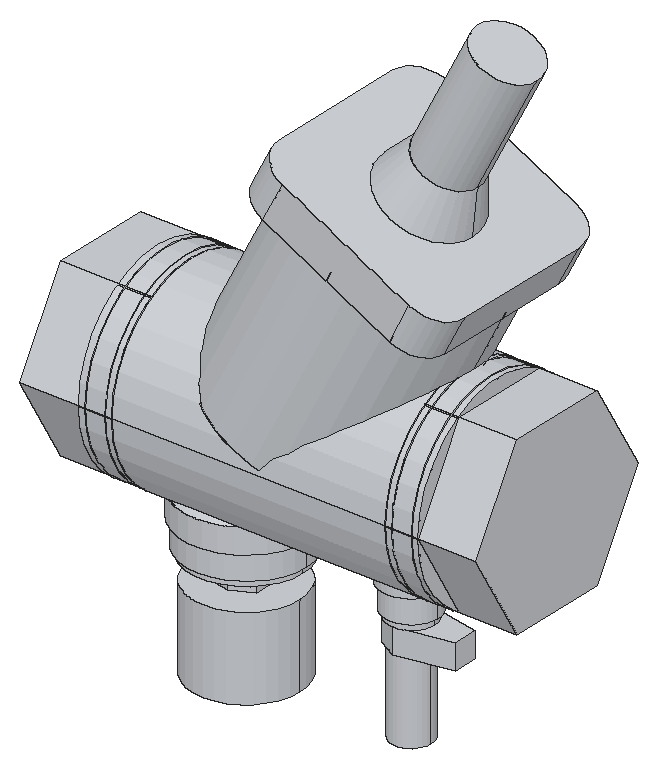
Revit family "Sigma_Compact_DN050_RFA_2018", category Pipe Accessories, Revit 2018
Family settings
  Round Connector Dimension = Use Diameter
  Part Type = Valve - Breaks Into
  Work Plane-Based = No
  Always vertical = Yes
  Cut with Voids When Loaded = No
  Shared = No
Parameters (values of type "Sigma Compact DN 50 s měřením")
  magiProductId = "620459ae7aa94407adeea4e77bc07b"
  magiProductFamilyId = "3fdb776034814e15a56dcfd1ac03e4"
  magiPartTypeId = 304
  isMeasuringValve [instance] = no
  ang2D [instance] = 0.00°
  Z6 = 39.3 mm
  Z5 = 91.7 mm
  Z4 = 78.6 mm
  Z3 = 13.1 mm
  Z2 = 65.5 mm
  XR2 = 37.5 mm
  XR1 = 25.5 mm
  W2D = 32 mm
  VersionID = "2.0/2018.12.13.2/FRESE_SIGMA_PLUG_Q13_001"
  Use Minimum Symbol Size [instance] = no
  URL = "www.hydronix.cz"
  Type Comments = "závitový; vnitřní závit; PN25; max dp=400kPa; -10~+120°C; max uzavírací tlak 1MPa"
  R4 = 15 mm
  R3 = 10 mm
  R2 = 30.5 mm
  R1 = 31.5 mm
  QmdConnectorList = "301;D;302;D"
  Productdata [instance] = ""
  NL__ve = -NL  # -27.6 mm
  NL = 27.6 mm
  Manufacturer = "Hydronix"
  MC Use Limits From Balancing Method = no
  MC Throttling Minimum Value = 0
  MC Throttling Maximum Value = 0
  MC Product Code = "53-2207 DN50 FF s měřením; (900-10350 l/h); kvs=20,3"
  MC Pressure Drop Minimum Value = 0.0 Pa
  MC Pressure Drop Maximum Value = 0.0 Pa
  MC Piping Given Pressure Drop [instance] = 0.0 Pa
  M5 = 51.4 mm
  M4 = 49.4 mm
  M3 = 43.4 mm
  M2 = 41.4 mm
  LP = 69 mm
  LM = 82.8 mm
  LL__ve = -LL  # -7.6 mm
  LLT__ve = -LLT  # -28.2 mm
  LLT = 28.2 mm
  LLL = 11 mm
  LL3 = 60 mm
  LL2 = 51 mm
  LL = 7.6 mm
  L3 = 25 mm
  L2D_Min = 30.48 mm
  L2D = 82.4 mm
  Description = "Automatický vyvažovací ventil"
  DR1 = no
  DR0 = yes
  DL2 = 85 mm
  D = 50 mm
  CenSd_R2_6 = R2 * cos(30.00°)  # 26.414 mm
  CAT0 = yes
  C0D1 = no
  C0D0 = yes
Types (3, lengths in mm): name | magiProductId | Z6 | Z5 | Z4 | Z3 | Z2 | NL__ve | NL | MC Product Code | M5 | M4 | M3 | M2 | LP | LM | LL__ve | LLT__ve | LLT | LL3 | LL2 | LL | DL2 | D
  Sigma Compact DN 32 s měřením | "7bc6b6dac0dd45edbe26d667b48f95" | 33 | 77 | 66 | 11 | 55 | -20.8 | 20.8 | "53-2206 DN32 FF s měřením; (200-5000 l/h); kvs=10,9" | 41.2 | 39.2 | 33.2 | 31.2 | 52 | 62.4 | -6.8 | -22.6 | 22.6 | 52 | 43 | 6.8 | 77 | 32
  Sigma Compact DN 40 s měřením | "4e1b5a17d6804847bd559f7e701d18" | 39.3 | 91.7 | 78.6 | 13.1 | 65.5 | -27.6 | 27.6 | "53-2206 DN40 FF s měřením; (719-7400 l/h); kvs=18,0" | 51.4 | 49.4 | 43.4 | 41.4 | 69 | 82.8 | -7 | -24 | 24 | 54 | 45 | 7 | 79 | 40
  Sigma Compact DN 50 s měřením | "620459ae7aa94407adeea4e77bc07b" | 39.3 | 91.7 | 78.6 | 13.1 | 65.5 | -27.6 | 27.6 | "53-2207 DN50 FF s měřením; (900-10350 l/h); kvs=20,3" | 51.4 | 49.4 | 43.4 | 41.4 | 69 | 82.8 | -7.6 | -28.2 | 28.2 | 60 | 51 | 7.6 | 85 | 50
Reference planes
  plane 1 "Center (Front/Back)": y = 0
  plane 2 "XYPLANE": z = 0
  plane 3 "Center (Left/Right)": x = 0
  plane 4 "408": x = 69
  plane 5 "407": x = -69
  plane 6 "404": z = -52.4
  plane 7 "403": z = -60
  plane 8 "402": z = -85
  plane 9 "213": x = -25
  plane 10 "168": z = -24.2
  plane 11 "167": z = -26.2
  plane 12 "166": z = -33.8
  plane 13 "165": z = -41.4
  plane 14 "164": z = -43.4
  plane 15 "154": z = 0
  plane 16 "152": y = 0
  plane 17 "151": z = -51
  plane 18 "150": x = 25
  plane 19 "75": through (307.08, 0, 685.28) normal (0.891, 0, -0.454)
  plane 20 "74": x = 51.4
  plane 21 "73": x = 49.4
  plane 22 "72": x = 43.4
  plane 23 "71": x = 41.4
  plane 24 "70": x = -51.4
  plane 25 "69": x = -49.4
  plane 26 "68": x = -43.4
  plane 27 "67": y = 0
  plane 28 "66": through (-666.893, 0, 343.166) normal (0.454, 0, 0.891)
  plane 29 "65": x = -41.4
  plane 30 "64": through (335.147, 0, 670.979) normal (0.891, 0, -0.454)
  plane 31 "63": through (-638.519, 0, 398.854) normal (0.454, 0, 0.891)
  plane 32 "62": through (363.214, 0, 656.678) normal (0.891, 0, -0.454)
  plane 33 "61": y = 31.5
  plane 34 "60": y = -31.5
  plane 35 "59": through (-632.571, 0, 410.526) normal (0.454, 0, 0.891)
  plane 36 "58": through (-626.624, 0, 422.198) normal (0.454, 0, 0.891)
  plane 37 "56": x = 0
  plane 38 "55": through (-668.255, 0, 340.493) normal (0.454, 0, 0.891)
  plane 39 "102XY": through (-668.255, 0, 340.493) normal (0.454, 0, 0.891)
  plane 40 "102XZ": y = 0
  plane 41 "102YZ": through (340.493, 0, 668.255) normal (0.891, 0, -0.454)
Forms (mm)
  Extrusion 1, solid
    sketch origin (69, -750, 0) x (0, 1, 0) y (0, 0, 1)
      loop
        line (780.5, 0) -> (765.25, 26.414) -> (734.75, 26.414) -> (719.5, 0) -> (734.75, -26.414) -> (765.25, -26.414) -> (780.5, 0)
    from 0 to -27.6 <- "NL__ve"
  Extrusion 2, solid
    sketch origin (-69, -750, 0) x (0, 1, 0) y (0, 0, 1)
      loop
        line (719.5, 0) -> (734.75, -26.414) -> (765.25, -26.414) -> (780.5, 0) -> (765.25, 26.414) -> (734.75, 26.414) -> (719.5, 0)
    from 0 to 27.6 <- "NL"
  Extrusion 3, solid, visible <- "C0D1"
    sketch origin (-750, 0, -85) x (1, 0, 0) y (0, 1, 0)
      loop
        circle (725, 0) r 17.2
    from 0 to 50
  Extrusion 4, solid, visible <- "DR1"
    sketch origin (-750, 0, -52.4) x (1, 0, 0) y (0, 1, 0)
      loop
        line (725, -8) -> (731.928, -4) -> (731.928, 4) -> (725, 8) -> (707.872, 4) -> (707.872, -4) -> (725, -8)
    from 0 to -7.6 <- "LL__ve"
  Extrusion 5, solid, visible <- "DR1"
    sketch origin (-750, 0, -52.4) x (1, 0, 0) y (0, 1, 0)
      loop
        circle (725, 0) r 18.2
    from 0 to 11 <- "LLL"
  Extrusion 6, solid, visible <- "DR1"
    sketch origin (-750, 0, -41.4) x (1, 0, 0) y (0, 1, 0)
      loop
        circle (725, 0) r 19.2
    from 0 to 7.6 <- "LL"
  Extrusion 7, solid, visible <- "DR1"
    sketch origin (-750, 0, -33.8) x (1, 0, 0) y (0, 1, 0)
      loop
        circle (725, 0) r 20.2
    from 0 to 7.6 <- "LL"
  Blend 8, solid, visible <- "DR1"
    base sketch origin (-750, 0, -24.2) x (1, 0, 0) y (0, 1, 0)
      loop
        circle (725, 0) r 17.7
    top sketch origin (-750, 0, -24.2) x (1, 0, 0) y (0, 1, 0)
      loop
        circle (725, 0) r 20.2
    from 0 to -2
  Extrusion 9, solid, visible <- "DR1"
    sketch origin (-750, 0, 0) x (1, 0, 0) y (0, 1, 0)
      loop
        circle (725, 0) r 17.7
    from 0 to -28.2 <- "LLT__ve"
  Extrusion 10, solid, visible <- "C0D0"
    sketch origin (-750, 0, -51) x (1, 0, 0) y (0, 1, 0)
      loop
        circle (725, 0) r 16.2
    from 0 to -25
  Extrusion 11, solid, visible <- "DR0"
    sketch origin (-750, 0, -43.4) x (1, 0, 0) y (0, 1, 0)
      loop
        line (725, -7) -> (731.062, -3.5) -> (731.062, 3.5) -> (725, 7) -> (708.738, 3.5) -> (708.738, -3.5) -> (725, -7)
    from 0 to -7.6 <- "LL__ve"
  Extrusion 12, solid, visible <- "DR0"
    sketch origin (-750, 0, -43.4) x (1, 0, 0) y (0, 1, 0)
      loop
        circle (725, 0) r 17.2
    from 0 to 2
  Extrusion 13, solid, visible <- "DR0"
    sketch origin (-750, 0, -33.8) x (1, 0, 0) y (0, 1, 0)
      loop
        circle (725, 0) r 19.2
    from 0 to 7.6 <- "LL"
  Blend 14, solid, visible <- "DR0"
    base sketch origin (-750, 0, -24.2) x (1, 0, 0) y (0, 1, 0)
      loop
        circle (725, 0) r 16.7
    top sketch origin (-750, 0, -24.2) x (1, 0, 0) y (0, 1, 0)
      loop
        circle (725, 0) r 19.2
    from 0 to -2
  Extrusion 15, solid, visible <- "DR0"
    sketch origin (-750, 0, 0) x (1, 0, 0) y (0, 1, 0)
      loop
        circle (725, 0) r 16.7
    from 0 to -28.2 <- "LLT__ve"
  Extrusion 16, solid, visible <- "DR0"
    sketch origin (-750, 0, 0) x (1, 0, 0) y (0, 1, 0)
      loop
        circle (725, 0) r 16.7
    from 0 to -28.2 <- "LLT__ve"
  Blend 17, solid, visible <- "DR0"
    base sketch origin (-750, 0, -24.2) x (1, 0, 0) y (0, 1, 0)
      loop
        circle (725, 0) r 16.7
    top sketch origin (-750, 0, -24.2) x (1, 0, 0) y (0, 1, 0)
      loop
        circle (725, 0) r 19.2
    from 0 to -2
  Extrusion 18, solid, visible <- "DR0"
    sketch origin (-750, 0, -33.8) x (1, 0, 0) y (0, 1, 0)
      loop
        circle (725, 0) r 19.2
    from 0 to 7.6 <- "LL"
  Extrusion 19, solid, visible <- "DR0"
    sketch origin (-750, 0, -41.4) x (1, 0, 0) y (0, 1, 0)
      loop
        circle (725, 0) r 18.2
    from 0 to 7.6 <- "LL"
  Extrusion 20, solid, visible <- "DR0"
    sketch origin (-750, 0, -43.4) x (1, 0, 0) y (0, 1, 0)
      loop
        circle (725, 0) r 17.2
    from 0 to 2
  Extrusion 21, solid, visible <- "DR0"
    sketch origin (-750, 0, -43.4) x (1, 0, 0) y (0, 1, 0)
      loop
        line (725, -7) -> (731.062, -3.5) -> (731.062, 3.5) -> (725, 7) -> (708.738, 3.5) -> (708.738, -3.5) -> (725, -7)
    from 0 to -7.6 <- "LL__ve"
  Extrusion 22, solid, visible <- "C0D0"
    sketch origin (-750, 0, -51) x (1, 0, 0) y (0, 1, 0)
      loop
        circle (725, 0) r 16.2
    from 0 to -25
  Extrusion 23, solid, visible <- "CAT0"
    sketch origin (-750, 0, -51) x (1, 0, 0) y (0, 1, 0)
      loop
        circle (775, 0) r 6
    from 0 to -25
  Extrusion 24, solid
    sketch origin (-750, 0, -43.4) x (1, 0, 0) y (0, 1, 0)
      loop
        line (775, -7) -> (791.262, -3.5) -> (791.262, 3.5) -> (775, 7) -> (768.938, 3.5) -> (768.938, -3.5) -> (775, -7)
    from 0 to -7.6 <- "LL__ve"
  Extrusion 25, solid
    sketch origin (-750, 0, -43.4) x (1, 0, 0) y (0, 1, 0)
      loop
        circle (775, 0) r 7
    from 0 to 2
  Extrusion 26, solid
    sketch origin (-750, 0, -41.4) x (1, 0, 0) y (0, 1, 0)
      loop
        circle (775, 0) r 8
    from 0 to 7.6 <- "LL"
  Extrusion 27, solid
    sketch origin (-750, 0, -33.8) x (1, 0, 0) y (0, 1, 0)
      loop
        circle (775, 0) r 9
    from 0 to 7.6 <- "LL"
  Blend 28, solid
    base sketch origin (-750, 0, -24.2) x (1, 0, 0) y (0, 1, 0)
      loop
        circle (775, 0) r 6.5
    top sketch origin (-750, 0, -24.2) x (1, 0, 0) y (0, 1, 0)
      loop
        circle (775, 0) r 9
    from 0 to -2
  Extrusion 29, solid
    sketch origin (-750, 0, 0) x (1, 0, 0) y (0, 1, 0)
      loop
        circle (775, 0) r 6.5
    from 0 to -28.2 <- "LLT__ve"
  Blend 30, solid, visible <- "CAT0"
    base sketch origin (49.4, -750, 0) x (0, 1, 0) y (0, 0, 1)
      loop
        circle (750, 0) r 30.5
    top sketch origin (49.4, -750, 0) x (0, 1, 0) y (0, 0, 1)
      loop
        circle (750, 0) r 30.5
    from 0 to 2
  Extrusion 31, solid, visible <- "CAT0"
    sketch origin (43.4, -750, 0) x (0, 1, 0) y (0, 0, 1)
      loop
        circle (750, 0) r 30.5
    from 0 to 6
  Blend 32, solid, visible <- "CAT0"
    base sketch origin (41.4, -750, 0) x (0, 1, 0) y (0, 0, 1)
      loop
        circle (750, 0) r 30.5
    top sketch origin (41.4, -750, 0) x (0, 1, 0) y (0, 0, 1)
      loop
        circle (750, 0) r 30.5
    from 0 to 2
  Blend 33, solid, visible <- "CAT0"
    base sketch origin (-49.4, -750, 0) x (0, 1, 0) y (0, 0, 1)
      loop
        circle (750, 0) r 30.5
    top sketch origin (-49.4, -750, 0) x (0, 1, 0) y (0, 0, 1)
      loop
        circle (750, 0) r 30.5
    from 0 to -2
  Extrusion 34, solid, visible <- "CAT0"
    sketch origin (-49.4, -750, 0) x (0, 1, 0) y (0, 0, 1)
      loop
        circle (750, 0) r 30.5
    from 0 to 6
  Blend 35, solid, visible <- "CAT0"
    base sketch origin (-43.4, -750, 0) x (0, 1, 0) y (0, 0, 1)
      loop
        circle (750, 0) r 30.5
    top sketch origin (-43.4, -750, 0) x (0, 1, 0) y (0, 0, 1)
      loop
        circle (750, 0) r 30.5
    from 0 to 2
  Extrusion 36, solid, visible <- "CAT0"
    sketch origin (-41.4, -750, 0) x (0, 1, 0) y (0, 0, 1)
      loop
        circle (750, 0) r 30.5
    from 0 to 82.8 <- "LM"
  Extrusion 37, solid, visible <- "CAT0"
    sketch origin (-666.893, 0, 343.166) x (0.891007, 0, -0.45399) y (0, 1, 0)
      loop
        circle (744, 0) r 31.5
    from 0 to 65.5 <- "Z2"
  Extrusion 38, solid, visible <- "CAT0"
    sketch origin (-638.519, 0, 398.854) x (0.891007, 0, -0.45399) y (0, 1, 0)
      loop
        arc (722.5, 31.5) -> (715.429, 28.571) -> (712.5, 21.5) r 10
        line (712.5, 21.5) -> (712.5, -21.5)
        arc (712.5, -21.5) -> (715.429, -28.571) -> (722.5, -31.5) r 10
        line (722.5, -31.5) -> (765.5, -31.5)
        arc (765.5, -31.5) -> (772.571, -28.571) -> (775.5, -21.5) r 10
        line (775.5, -21.5) -> (775.5, 21.5)
        arc (775.5, 21.5) -> (772.571, 28.571) -> (765.5, 31.5) r 10
        line (765.5, 31.5) -> (722.5, 31.5)
    from 0 to 13.1 <- "Z3"
  Blend 39, solid, visible <- "CAT0"
    base sketch origin (-632.571, 0, 410.526) x (0.891007, 0, -0.45399) y (0, 1, 0)
      loop
        circle (744, 0) r 15
    top sketch origin (-632.571, 0, 410.526) x (0.891007, 0, -0.45399) y (0, 1, 0)
      loop
        circle (744, 0) r 10
    from 0 to 13.1
  Extrusion 40, solid, visible <- "CAT0"
    sketch origin (-626.624, 0, 422.198) x (0.891007, 0, -0.45399) y (0, 1, 0)
      loop
        circle (744, 0) r 10
    from 0 to 39.3 <- "Z6"
  Blend 41, solid, visible <- "CAT0"
    base sketch origin (-668.255, 0, 340.493) x (0.891007, 0, -0.45399) y (0, 1, 0)
      loop
        circle (744, 0) r 15
    top sketch origin (-668.255, 0, 340.493) x (0.891007, 0, -0.45399) y (0, 1, 0)
      loop
        circle (744, 0) r 31.5
    from 0 to 3
  Extrusion 42, solid, not visible
    sketch origin (-51.4, -750, 0) x (0, 1, 0) y (0, 0, 1)
      loop
        circle (750, 0) r 10
    from 0 to 10
  Extrusion 43, solid, not visible
    sketch origin (51.4, -750, 0) x (0, 1, 0) y (0, 0, 1)
      loop
        circle (750, 0) r 10
    from 0 to -10
Lines and regions (mm)
  reference lines, not visible
    curve 1: circle (2, 2, 0) r 1 normal (0, 0, 1)
  reference lines
    curve 2: line (69, 0, 0) -> (69, -7.625, 13.207)
    curve 3: line (69, 0, 0) -> (69, -15.25, 0)
    curve 4: line (69, 0, 0) -> (69, -7.625, -13.207)
    curve 5: line (-69, 0, 0) -> (-69, 7.625, 13.207)
    curve 6: line (-69, 0, 0) -> (-69, 15.25, 0)
    curve 7: line (-69, 0, 0) -> (-69, 7.625, -13.207)
Dimensions and locks
  plane 1 "Center (Front/Back)" to curve 1 = 2 mm
  "LP": plane 37 "56" to plane 4 "408"
  "LP": plane 37 "56" to plane 5 "407"
  "LL": plane 7 "403" to plane 6 "404"
  "LL3": plane 2 "XYPLANE" to plane 7 "403"
  "DL2": plane 2 "XYPLANE" to plane 8 "402"
  "L3": plane 3 "Center (Left/Right)" to plane 9 "213"
  locked: plane 11 "167" to plane 10 "168" at 2
  "LL": plane 12 "166" to plane 11 "167"
  "LL": plane 13 "165" to plane 12 "166"
  locked: plane 14 "164" to plane 13 "165" at 2
  "LL": plane 17 "151" to plane 14 "164"
  locked: plane 2 "XYPLANE" to plane 15 "154"
  locked: plane 1 "Center (Front/Back)" to plane 16 "152"
  "LL2": plane 2 "XYPLANE" to plane 17 "151"
  "L3": plane 3 "Center (Left/Right)" to plane 18 "150"
  "XR2": plane 41 "102YZ" to plane 19 "75"
  "M5": plane 3 "Center (Left/Right)" to plane 20 "74"
  "M4": plane 3 "Center (Left/Right)" to plane 21 "73"
  "M3": plane 3 "Center (Left/Right)" to plane 22 "72"
  "M2": plane 3 "Center (Left/Right)" to plane 23 "71"
  "M5": plane 3 "Center (Left/Right)" to plane 24 "70"
  "M4": plane 3 "Center (Left/Right)" to plane 25 "69"
  "M3": plane 3 "Center (Left/Right)" to plane 26 "68"
  locked: plane 16 "152" to plane 27 "67"
  locked: plane 39 "102XY" to plane 28 "66" at 3
  "M2": plane 3 "Center (Left/Right)" to plane 29 "65"
  locked: plane 41 "102YZ" to plane 30 "64" at 6
  "Z2": plane 39 "102XY" to plane 31 "63"
  "XR1": plane 41 "102YZ" to plane 32 "62"
  "R1": plane 16 "152" to plane 33 "61"
  "R1": plane 16 "152" to plane 34 "60"
  "Z4": plane 39 "102XY" to plane 35 "59"
  "Z5": plane 39 "102XY" to plane 36 "58"
  locked: plane 3 "Center (Left/Right)" to plane 37 "56"
  locked: plane 39 "102XY" to plane 38 "55"
  "CenSd_R2_6": curve 2 to Extrusion 1 sketch curve  (x2)
  "CenSd_R2_6": curve 3 to Extrusion 1 sketch curve  (x2)
  "CenSd_R2_6": curve 4 to Extrusion 1 sketch curve  (x2)
  Extrusion 1 sketch curve to Extrusion 1 sketch curve = 0 mm  (x12)
  "CenSd_R2_6": curve 5 to Extrusion 2 sketch curve  (x2)
  "CenSd_R2_6": curve 6 to Extrusion 2 sketch curve  (x2)
  "CenSd_R2_6": curve 7 to Extrusion 2 sketch curve  (x2)
  Extrusion 2 sketch curve to Extrusion 2 sketch curve = 0 mm  (x12)
  Extrusion 4 sketch curve to Extrusion 4 sketch curve = 0 mm  (x12)
  Extrusion 11 sketch curve to Extrusion 11 sketch curve = 0 mm  (x12)
  Extrusion 21 sketch curve to Extrusion 21 sketch curve = 0 mm  (x12)
  Extrusion 24 sketch curve to Extrusion 24 sketch curve = 0 mm  (x12)
  Extrusion 38 sketch curve to Extrusion 38 sketch curve = 0 mm  (x16)
  "R2": radius of Blend 30 sketch curve  (x2)
  "R2": radius of Extrusion 31 sketch curve
  "R2": radius of Blend 32 sketch curve  (x2)
  "R2": radius of Blend 33 sketch curve  (x2)
  "R2": radius of Extrusion 34 sketch curve
  "R2": radius of Blend 35 sketch curve  (x2)
  "R2": radius of Extrusion 36 sketch curve
  "R1": radius of Extrusion 37 sketch curve
  radius of Extrusion 38 sketch curve = 10 mm  (x4)
  "R3": radius of Blend 39 sketch curve
  "R4": radius of Blend 39 sketch curve
  "R3": radius of Extrusion 40 sketch curve
  "R1": radius of Blend 41 sketch curve
  locked: curve 3 to curve 2 (angle 60.00°)
  locked: curve 4 to curve 3 (angle 60.00°)
  locked: curve 4 to curve 2 (angle 120.00°)
  locked: curve 6 to curve 5 (angle 60.00°)
  locked: curve 7 to curve 6 (angle 60.00°)
  locked: curve 7 to curve 5 (angle 120.00°)
  aligned and locked: level to plane 2 "XYPLANE"
  aligned and locked: plane 15 "154" to curve 4
  aligned and locked: curve 4 to plane 16 "152"
  aligned and locked: plane 15 "154" to curve 7
  aligned and locked: curve 7 to plane 16 "152"
  aligned and locked: plane 9 "213" to Extrusion 3 sketch curve
  aligned and locked: plane 16 "152" to Extrusion 3 sketch curve
  aligned and locked: plane 9 "213" to Extrusion 5 sketch curve
  aligned and locked: plane 16 "152" to Extrusion 5 sketch curve
  aligned and locked: plane 9 "213" to Extrusion 6 sketch curve
  aligned and locked: plane 16 "152" to Extrusion 6 sketch curve
  aligned and locked: plane 9 "213" to Extrusion 7 sketch curve
  aligned and locked: plane 16 "152" to Extrusion 7 sketch curve
  aligned and locked: plane 9 "213" to Blend 8 sketch curve  (x2)
  aligned and locked: plane 16 "152" to Blend 8 sketch curve  (x2)
  aligned and locked: Blend 8 to plane 11 "167"
  aligned and locked: plane 9 "213" to Extrusion 9 sketch curve
  aligned and locked: plane 16 "152" to Extrusion 9 sketch curve
  aligned and locked: plane 9 "213" to Extrusion 10 sketch curve
  aligned and locked: plane 16 "152" to Extrusion 10 sketch curve
  aligned and locked: plane 9 "213" to Extrusion 12 sketch curve
  aligned and locked: plane 16 "152" to Extrusion 12 sketch curve
  aligned and locked: plane 9 "213" to Extrusion 13 sketch curve
  aligned and locked: plane 16 "152" to Extrusion 13 sketch curve
  aligned and locked: plane 9 "213" to Blend 14 sketch curve  (x2)
  aligned and locked: plane 16 "152" to Blend 14 sketch curve  (x2)
  aligned and locked: Blend 14 to plane 11 "167"
  aligned and locked: plane 9 "213" to Extrusion 15 sketch curve
  aligned and locked: plane 16 "152" to Extrusion 15 sketch curve
  aligned and locked: plane 9 "213" to Extrusion 16 sketch curve
  aligned and locked: plane 16 "152" to Extrusion 16 sketch curve
  aligned and locked: plane 9 "213" to Blend 17 sketch curve  (x2)
  aligned and locked: plane 16 "152" to Blend 17 sketch curve  (x2)
  aligned and locked: Blend 17 to plane 11 "167"
  aligned and locked: plane 9 "213" to Extrusion 18 sketch curve
  aligned and locked: plane 16 "152" to Extrusion 18 sketch curve
  aligned and locked: plane 9 "213" to Extrusion 19 sketch curve
  aligned and locked: plane 16 "152" to Extrusion 19 sketch curve
  aligned and locked: plane 9 "213" to Extrusion 20 sketch curve
  aligned and locked: plane 16 "152" to Extrusion 20 sketch curve
  aligned and locked: plane 9 "213" to Extrusion 22 sketch curve
  aligned and locked: plane 16 "152" to Extrusion 22 sketch curve
  aligned and locked: plane 16 "152" to Extrusion 23 sketch curve
  aligned and locked: plane 18 "150" to Extrusion 23 sketch curve
  aligned and locked: plane 16 "152" to Extrusion 25 sketch curve
  aligned and locked: plane 18 "150" to Extrusion 25 sketch curve
  aligned and locked: plane 16 "152" to Extrusion 26 sketch curve
  aligned and locked: plane 18 "150" to Extrusion 26 sketch curve
  aligned and locked: plane 16 "152" to Extrusion 27 sketch curve
  aligned and locked: plane 18 "150" to Extrusion 27 sketch curve
  aligned and locked: plane 16 "152" to Blend 28 sketch curve  (x2)
  aligned and locked: plane 18 "150" to Blend 28 sketch curve  (x2)
  aligned and locked: Blend 28 to plane 11 "167"
  aligned and locked: plane 16 "152" to Extrusion 29 sketch curve
  aligned and locked: plane 18 "150" to Extrusion 29 sketch curve
  aligned and locked: plane 15 "154" to Blend 30 sketch curve  (x2)
  aligned and locked: Blend 30 sketch curve to plane 16 "152"  (x2)
  aligned and locked: plane 20 "74" to Blend 30
  aligned and locked: plane 15 "154" to Extrusion 31 sketch curve
  aligned and locked: Extrusion 31 sketch curve to plane 16 "152"
  aligned and locked: plane 15 "154" to Blend 32 sketch curve  (x2)
  aligned and locked: Blend 32 sketch curve to plane 16 "152"  (x2)
  aligned and locked: plane 22 "72" to Blend 32
  aligned and locked: plane 15 "154" to Blend 33 sketch curve  (x2)
  aligned and locked: Blend 33 sketch curve to plane 16 "152"  (x2)
  aligned and locked: Blend 33 to plane 24 "70"
  aligned and locked: plane 15 "154" to Extrusion 34 sketch curve
  aligned and locked: Extrusion 34 sketch curve to plane 16 "152"
  aligned and locked: plane 15 "154" to Blend 35 sketch curve  (x2)
  aligned and locked: Blend 35 sketch curve to plane 16 "152"  (x2)
  aligned and locked: plane 29 "65" to Blend 35
  aligned and locked: plane 15 "154" to Extrusion 36 sketch curve
  aligned and locked: Extrusion 36 sketch curve to plane 16 "152"
  aligned and locked: plane 27 "67" to Extrusion 37 sketch curve
  aligned and locked: Extrusion 37 sketch curve to plane 30 "64"
  aligned and locked: Extrusion 38 sketch curve to plane 19 "75"
  aligned and locked: Extrusion 38 sketch curve to plane 34 "60"
  aligned and locked: Extrusion 38 sketch curve to plane 32 "62"
  aligned and locked: plane 33 "61" to Extrusion 38 sketch curve
  aligned and locked: plane 27 "67" to Blend 39 sketch curve  (x2)
  aligned and locked: Blend 39 sketch curve to plane 30 "64"  (x2)
  aligned and locked: plane 36 "58" to Blend 39
  aligned and locked: plane 27 "67" to Extrusion 40 sketch curve
  aligned and locked: Extrusion 40 sketch curve to plane 30 "64"
  aligned and locked: plane 27 "67" to Blend 41 sketch curve  (x2)
  aligned and locked: Blend 41 sketch curve to plane 30 "64"  (x2)
  aligned and locked: plane 28 "66" to Blend 41
  aligned and locked: plane 15 "154" to Extrusion 42 sketch curve
  aligned and locked: Extrusion 42 sketch curve to plane 16 "152"
  aligned and locked: plane 15 "154" to Extrusion 43 sketch curve
  aligned and locked: Extrusion 43 sketch curve to plane 16 "152"
Automatic sketch dimensions
  Extrusion 3 sketch curve to plane 29 "65" = 0.8 mm
  Extrusion 4 sketch curve to plane 9 "213" = 0 mm  (x2)
  Extrusion 4 sketch curve to plane 29 "65" = 0.728 mm
  plane 9 "213" to Extrusion 4 sketch curve = 6.928 mm
  plane 1 "Center (Front/Back)" to Extrusion 4 sketch curve = 8 mm
  plane 1 "Center (Front/Back)" to Extrusion 4 sketch curve = 4 mm  (x2)
  Extrusion 4 sketch curve to plane 1 "Center (Front/Back)" = 4 mm  (x2)
  Extrusion 4 sketch curve to plane 1 "Center (Front/Back)" = 8 mm
  plane 26 "68" to Extrusion 5 sketch curve = 0.2 mm
  Extrusion 6 sketch curve to plane 26 "68" = 0.8 mm
  Extrusion 7 sketch curve to plane 26 "68" = 1.8 mm
  plane 26 "68" to Blend 8 sketch curve = 0.7 mm
  Blend 8 sketch curve to plane 26 "68" = 1.8 mm
  plane 26 "68" to Extrusion 9 sketch curve = 0.7 mm
  plane 29 "65" to Extrusion 10 sketch curve = 0.2 mm
  Extrusion 11 sketch curve to plane 9 "213" = 0 mm  (x2)
  plane 29 "65" to Extrusion 11 sketch curve = 0.138 mm
  plane 9 "213" to Extrusion 11 sketch curve = 6.062 mm
  plane 1 "Center (Front/Back)" to Extrusion 11 sketch curve = 7 mm
  plane 1 "Center (Front/Back)" to Extrusion 11 sketch curve = 3.5 mm  (x2)
  Extrusion 11 sketch curve to plane 1 "Center (Front/Back)" = 3.5 mm  (x2)
  Extrusion 11 sketch curve to Extrusion 11 sketch curve = 3.5 mm
  Extrusion 12 sketch curve to plane 29 "65" = 0.8 mm
  Extrusion 13 sketch curve to plane 26 "68" = 0.8 mm
  Blend 14 sketch curve to plane 29 "65" = 0.3 mm
  Blend 14 sketch curve to plane 26 "68" = 0.8 mm
  Extrusion 15 sketch curve to plane 29 "65" = 0.3 mm
  Extrusion 16 sketch curve to plane 29 "65" = 0.3 mm
  Blend 17 sketch curve to plane 29 "65" = 0.3 mm
  Blend 17 sketch curve to plane 26 "68" = 0.8 mm
  Extrusion 18 sketch curve to plane 26 "68" = 0.8 mm
  plane 26 "68" to Extrusion 19 sketch curve = 0.2 mm
  Extrusion 20 sketch curve to plane 29 "65" = 0.8 mm
  Extrusion 21 sketch curve to plane 9 "213" = 0 mm  (x2)
  plane 29 "65" to Extrusion 21 sketch curve = 0.138 mm
  plane 9 "213" to Extrusion 21 sketch curve = 6.062 mm
  plane 1 "Center (Front/Back)" to Extrusion 21 sketch curve = 7 mm
  plane 1 "Center (Front/Back)" to Extrusion 21 sketch curve = 3.5 mm  (x2)
  Extrusion 21 sketch curve to plane 1 "Center (Front/Back)" = 3.5 mm  (x2)
  Extrusion 21 sketch curve to Extrusion 21 sketch curve = 3.5 mm
  plane 29 "65" to Extrusion 22 sketch curve = 0.2 mm
  Extrusion 23 sketch curve to plane 18 "150" = 6 mm
  Extrusion 24 sketch curve to plane 18 "150" = 0 mm  (x2)
  Extrusion 24 sketch curve to plane 18 "150" = 6.062 mm
  Extrusion 24 sketch curve to plane 23 "71" = 0.138 mm
  plane 1 "Center (Front/Back)" to Extrusion 24 sketch curve = 7 mm
  plane 1 "Center (Front/Back)" to Extrusion 24 sketch curve = 3.5 mm  (x2)
  Extrusion 24 sketch curve to plane 1 "Center (Front/Back)" = 3.5 mm  (x2)
  Extrusion 24 sketch curve to Extrusion 24 sketch curve = 3.5 mm
  Extrusion 25 sketch curve to plane 18 "150" = 7 mm
  Extrusion 26 sketch curve to plane 18 "150" = 8 mm
  Extrusion 27 sketch curve to Extrusion 27 sketch curve = 9 mm
  Blend 28 sketch curve to plane 18 "150" = 6.5 mm
  Blend 28 sketch curve to Blend 28 sketch curve = 9 mm
  Extrusion 29 sketch curve to plane 18 "150" = 6.5 mm
  Blend 41 sketch curve to Blend 41 sketch curve = 15 mm
  plane 1 "Center (Front/Back)" to Extrusion 42 sketch curve = 10 mm
  plane 1 "Center (Front/Back)" to Extrusion 43 sketch curve = 10 mm
  plane 3 "Center (Left/Right)" to curve 1 = 2 mm
  radius of curve 1 = 1 mm
Connectors
  piping at (-51.4, 0, 0), diameter 50, driven by "D"
    settings: on Extrusion 42, index 1, connector inside diameter 609.6 mm, connector length 0 mm, flow factor 0, pipe flow 0.0 L/s, pressure drop 0.0 Pa, fitting loss kfactor 0, connector angle 0.00°, fixture units 0, engagement length 0 mm, angle of deflection 0.00°, flow configuration 0, flow direction 0, fitting loss method 0, system type 29, joint type 0, gender type 0, connector reference index 2, connector utility 0, adjustable connector no, is connector primary yes, connector description ""
  piping at (51.4, 0, 0), diameter 50, driven by "D"
    settings: on Extrusion 43, index 2, connector inside diameter 609.6 mm, connector length 0 mm, flow factor 0, pipe flow 0.0 L/s, pressure drop 0.0 Pa, fitting loss kfactor 0, connector angle 0.00°, fixture units 0, engagement length 0 mm, angle of deflection 0.00°, flow configuration 0, flow direction 0, fitting loss method 0, system type 29, joint type 0, gender type 0, connector reference index 1, connector utility 0, adjustable connector no, is connector primary no, connector description ""
